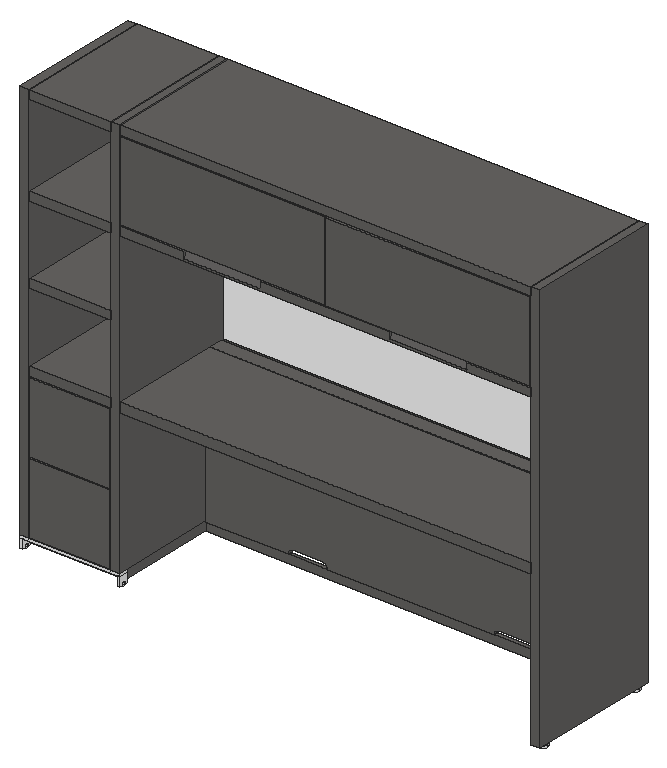
Revit family "Storage-Wall-Teknion-ZXLO_74_High_Without_Lights-R2011", category Furniture Systems, Revit 2013
Parameters (values of type "(See Type Catalog)")
  Working Wall Finish [instance] = Glass - Teknion - K6 - White Backpainted
  Width = 92.642"
  Warranty = "http://www.teknionstudio.com/pdfs/Teknion%20Studio%20Warranty.pdf"
  Wall Unit Finish [instance] = Veneer - Teknion - P7 - Grey Oak
  Unit Weight = 685.00 lbf
  URL = "www.teknionstudio.com"
  Storage Tower = Storage-Unit-Teknion-Tower : Upper Shelves & File/File Pedestal
  Series = "B&B Italia"
  Product Page URL = "http://www.teknionstudio.com/acexecutive/"
  Product Line = "AC Executive"
  Product Documentation Link = "http://www.teknionstudio.com/pricing/ac_executive_storage_walls_ppg.pdf"
  Part Number = "ZXLO"
  Model = ""
  Manufacturer Phone = "919-464-2920"
  Manufacturer Fax = "919-464-2927"
  Manufacturer Email = "customersupport@teknionstudio.com"
  Manufacturer Address = "3940 US 70 Business HWY West, Clayton, NC 27520"
  Manufacturer = "Teknion Studio"  # constant formula
  Low Emitting Material = yes
  Low Emitting Finish = yes
  Height = 73.81394"
  Description = ""
  Depth = 24"
  Assembly Code = "E2020200"
Reference planes (in)
  plane 1 "Center F/B": y = 0
  plane 2: z = 0
  plane 3 "Back": y = 12
  plane 4 "Front": y = -12
  plane 5 "Top": z = 73.81394
  plane 6: x = 28.60446
  plane 7: z = 29.68402
  plane 8: z = 56.1289
  plane 9: x = -44.7815
  plane 10: z = 2.1289
  plane 11: x = -8.08858
  plane 12 "Foot Centerline": y = -11.2126
  plane 13 "Foot Centerline Front": y = -10.22835
  plane 14 "Foot Centerline Back": y = 10.22835
  plane 15: y = -8.484
  plane 16: x = -62.49817
  plane 17: x = 30.14383
  plane 18 "Center L/R": x = -16.17717
Forms (in)
  Sweep 1, solid, material "Veneer - Teknion - P7 - Grey Oak" <- "Wall Unit Finish"
    path origin (0, 0, 0) x (1, 0, 0) y (0, 0, 1)
      loop
        line (-44.7815, 29.68402) -> (28.60446, 29.68402)
    profile origin (-8.08852, 0, 29.68402) x (0, 0, 1) y (0, -1, 0)
      loop
        line (0, 12) -> (-1.7638, 12) -> (-1.7638, -7.11393) -> (-5.30827, -7.11393) -> (-5.30827, -7.08268) -> (-27.55512, -7.08268) -> (-27.55512, -7.11393) -> (-29.0945, -7.11393) -> (-29.0945, -7.80668) -> (-5.30828, -7.80668) -> (-5.30828, -12) -> (44.12992, -12) -> (44.12992, 12) -> (42.59022, 12) -> (42.59022, 11.2126) -> (27.98392, 11.2126) -> (27.98392, 12) -> (26.44488, 12) -> (26.44488, -10.94094) -> (0, -10.94094) -> (0, -10.90969) -> (-0.72441, -10.90969) -> (-0.72441, -10.56693) -> (0, -10.56693) -> (0, -8.05709) -> (-0.72441, -8.05709) -> (-0.72441, -7.80709) -> (0, -7.80709) -> (0, 12)
  Sweep 2, solid, material "Veneer - Teknion - P7 - Grey Oak" <- "Wall Unit Finish"
    path origin (0, 0, 15.40683) x (-1, 0, 0) y (0, -1, 0)
      loop
        line (0, 12) -> (0, 11.276)
    profile origin (0, -11.638, 15.40683) x (-1, 0, 0) y (0, 0, 1)
      loop
        line (44.5315, 42.5111) -> (44.5315, 56.6174) -> (8.21358, 56.6174) -> (8.21358, 42.5111) -> (44.5315, 42.5111)
      loop
        line (7.96358, 56.6174) -> (-28.35446, 56.6174) -> (-28.35446, 42.5111) -> (7.96358, 42.5111) -> (7.96358, 56.6174)
  Sweep 3, void
    path origin (0, 0, 0) x (1, 0, 0) y (0, 0, 1)
      loop
        line (-33.3248, 56.1289) -> (-19.54528, 56.1289)
    profile origin (-26.43504, 0, 56.1289) x (0, 0, 1) y (0, -1, 0)
      loop
        line (1.53937, 12) -> (0.43699, 12) -> (1.53937, 11.52755) -> (1.53937, 12)
  Sweep 4, void
    path origin (0, 0, 0) x (1, 0, 0) y (0, 0, 1)
      loop
        line (3.36811, 56.1289) -> (17.14764, 56.1289)
    profile origin (10.25787, 0, 56.1289) x (0, 0, 1) y (0, -1, 0)
      loop
        line (1.53937, 11.52755) -> (1.53937, 12) -> (0.43699, 12) -> (1.53937, 11.52755)
  Sweep 5, void
    path origin (0, 0, 15.40683) x (-1, 0, 0) y (0, -1, 0)
      loop
        line (0, -7.80668) -> (0, -7.08268)
    profile origin (0, 7.44468, 15.40683) x (1, 0, 0) y (0, 0, 1)
      loop
        line (13.68307, 8.96892) -> (6.79331, 8.96892) -> (6.79331, 8.10396)
        arc (6.79331, 8.10396) -> (7.02393, 7.54718) -> (7.58071, 7.31655) r 0.7874
        line (7.58071, 7.31655) -> (12.89567, 7.31655)
        arc (12.89567, 7.31655) -> (13.45245, 7.54718) -> (13.68307, 8.10396) r 0.7874
        line (13.68307, 8.10396) -> (13.68307, 8.96892)
      loop
        line (6.79331, -13.27793) -> (13.68307, -13.27793) -> (13.68307, -13.12045)
        arc (13.68307, -13.12045) -> (13.46398, -12.59152) -> (12.93504, -12.37242) r 0.74803
        line (12.93504, -12.37242) -> (7.54134, -12.37242)
        arc (7.54134, -12.37242) -> (7.0124, -12.59152) -> (6.79331, -13.12045) r 0.74803
        line (6.79331, -13.12045) -> (6.79331, -13.27793)
      loop
        line (-29.86024, 8.96892) -> (-29.86024, 8.10396)
        arc (-29.86024, 8.10396) -> (-29.62961, 7.54718) -> (-29.07283, 7.31655) r 0.7874
        line (-29.07283, 7.31655) -> (-23.75787, 7.31655)
        arc (-23.75787, 7.31655) -> (-23.2011, 7.54718) -> (-22.97047, 8.10396) r 0.7874
        line (-22.97047, 8.10396) -> (-22.97047, 8.96892) -> (-29.86024, 8.96892)
      loop
        line (-22.97047, -13.27793) -> (-22.97047, -13.12045)
        arc (-22.97047, -13.12045) -> (-23.18957, -12.59152) -> (-23.7185, -12.37242) r 0.74803
        line (-23.7185, -12.37242) -> (-29.1122, -12.37242)
        arc (-29.1122, -12.37242) -> (-29.64114, -12.59152) -> (-29.86024, -13.12045) r 0.74803
        line (-29.86024, -13.12045) -> (-29.86024, -13.27793) -> (-22.97047, -13.27793)
  Revolve 6, solid, material "Metal - Teknion - C6 - Chrome"
    sketch origin (0, -10.22835, 0) x (0, 0, 1) y (1, 0, 0)
      loop
        line (0, 29.37415) -> (0, 28.63616) -> (0.23622, 28.63616) -> (0.23622, 29.09181) -> (0.58951, 29.09181) -> (0.58951, 29.37415) -> (0, 29.37415)
      axis (0, 29.37415) -> (0.58951, 29.37415)
    angle from 0 to 360
  Revolve 7, solid, material "Metal - Teknion - C6 - Chrome"
    sketch origin (0, 10.22835, 0) x (0, 0, 1) y (1, 0, 0)
      loop
        line (0, 29.37415) -> (0, 28.63616) -> (0.23622, 28.63616) -> (0.23622, 29.09181) -> (0.58951, 29.09181) -> (0.58951, 29.37415) -> (0, 29.37415)
      axis (0, 29.37415) -> (0.58951, 29.37415)
    angle from 0 to 360
  Sweep 8, solid, material "Veneer - Teknion - P7 - Grey Oak" <- "Wall Unit Finish"
    path origin (-16.17717, 0, 15.40683) x (1, 0, 0) y (0, 1, 0)
      loop
        line (0, 12) -> (0, -12)
    profile origin (-16.17717, 0, 15.40683) x (1, 0, 0) y (0, 0, 1)
      loop
        line (46.321, -14.81732) -> (46.321, 58.4071) -> (44.78163, 58.4071) -> (44.78163, -14.81732) -> (46.321, -14.81732)
Cuts and joins
  Sweep 3, Sweep 4, Sweep 5 cuts Sweep 1
Lines and regions (in)
  Masking region 1
    outline origin (0, 0, 15.40683) x (-1, 0, 0) y (0, -1, 0)
      loop
        line (44.7815, -12) -> (44.7815, 12) -> (-30.14383, 12) -> (-30.14383, -12) -> (44.7815, -12)
  symbolic lines, style "Elevation Swing"
    curve 1: line (-44.7815, -12, 57.66827) -> (-26.43504, -12, 72.02424)
    curve 2: line (-8.08858, -12, 57.66832) -> (-26.43504, -12, 72.02424)
    curve 3: line (-8.08858, 0, 57.66832) -> (10.25794, 0, 72.19583)
    curve 4: line (10.25794, 0, 72.19583) -> (28.60446, 0, 57.66827)
  symbolic lines, detail levels medium+fine
    curve 5: line (-44.7815, 12, 15.40683) -> (-44.7815, -12, 15.40683)
  symbolic lines, style "FurnitureSystemsHiddenLines", detail levels fine
    curve 6: line (28.60446, -11.276, 15.40683) -> (-44.7815, -11.276, 15.40683)
Dimensions and locks (in)
  equal spacing: plane 3 "Back", plane 1 "Center F/B", plane 4 "Front"
  "Depth": plane 3 "Back" to plane 4 "Front"
  "Height": plane 5 "Top" to plane 2
  locked: plane 7 to plane 2 at 29.68402
  locked: plane 8 to plane 7 at 26.44488
  locked: plane 10 to plane 2 at 2.1289
  locked: plane 4 "Front" to plane 12 "Foot Centerline" at 0.7874
  locked: plane 10 to Sweep 1 sketch curve at 1.53939
  locked: plane 7 to Sweep 1 sketch curve at 1.7638
  locked: plane 4 "Front" to Sweep 2 sketch curve at 0.724
  plane 5 "Top" to Sweep 2 sketch curve to Sweep 2 sketch curve = 1.7897", 14.1063"  (x2)
  Sweep 2 sketch curve to Sweep 2 sketch curve to Sweep 2 sketch curve to Sweep 2 sketch curve = 36.31805", 1/4", 36.31791"
  locked: Sweep 3 sketch curve to Sweep 3 sketch curve at 13.77953
  locked: Sweep 3 sketch curve to plane 8 at 1.53937
  locked: Sweep 3 sketch curve to plane 8 at 0.43699
  locked: plane 4 "Front" to Sweep 3 sketch curve at 0.47245
  Sweep 4 sketch curve to Sweep 4 sketch curve to plane 8 = 1.10238" locked, 0.43699" locked
  locked: plane 4 "Front" to Sweep 4 sketch curve at 0.47245
  locked: Sweep 5 sketch curve to plane 10 at 0.90551  (x2)
  locked: Sweep 5 sketch curve to Sweep 5 sketch curve at 6.88976  (x4)
  plane 7 to Sweep 5 sketch curve to Sweep 5 sketch curve = 5.30827" locked, 1 167/256" locked  (x2)
  plane 3 "Back" to Sweep 5 sketch curve to Sweep 5 sketch curve = 4.19332" locked, 0.724" locked
  Revolve 6 sketch curve to Revolve 6 sketch curve to plane 2 = 0.35329" locked, 0.23622" locked
  Revolve 7 sketch curve to Revolve 7 sketch curve to plane 2 = 0.35329" locked, 0.23622" locked
  equal spacing: plane 11, curve 2, plane 9
  equal spacing: plane 6, curve 4, plane 11
  locked: plane 4 "Front" to curve 6 at 0.724
  locked: plane 3 "Back" to plane 14 "Foot Centerline Back" at 1.77165
  locked: plane 4 "Front" to plane 13 "Foot Centerline Front" at 1.77165
  locked: plane 4 "Front" to plane 15 at 3.516
  locked: plane 6 to plane 17 at 1.53937
  locked: plane 16 to plane 9 at 17.71667
  "Width": plane 16 to plane 17
  locked: plane 18 "Center L/R" to plane 11 at 8.08858
  equal spacing: plane 16, plane 18 "Center L/R", plane 17
  locked: plane 17 to Revolve 6 sketch curve at 0.76969
  locked: Sweep 8 sketch curve to plane 2 at 0.58951
  locked: Revolve 7 sketch curve to plane 17 at 0.76969
  aligned and locked: level to plane 2
  aligned and locked: plane 9 to Sweep 1 sketch curve
  aligned and locked: plane 6 to Sweep 1 sketch curve
  aligned and locked: Sweep 1 sketch curve to plane 7  (x4)
  aligned and locked: Sweep 1 sketch curve to plane 4 "Front"
  aligned and locked: plane 3 "Back" to Sweep 1 sketch curve
  aligned and locked: plane 4 "Front" to Sweep 2 sketch curve
  aligned and locked: Sweep 1 sketch curve to plane 8
  aligned and locked: Sweep 3 sketch curve to plane 8
  aligned and locked: Sweep 4 sketch curve to plane 8
  aligned and locked: Sweep 4 sketch curve to plane 4 "Front"
  aligned and locked: Sweep 5 sketch curve to plane 10
  aligned and locked: plane 2 to Revolve 6 sketch curve
  aligned and locked: Revolve 7 sketch curve to plane 2
  aligned and locked: plane 9 to curve 1
  aligned and locked: plane 11 to curve 2
  aligned and locked: Sweep 2 to curve 2
  aligned and locked: plane 6 to curve 4
  aligned and locked: plane 11 to curve 3
  aligned and locked: Masking region 1 sketch curve to plane 3 "Back"
  aligned and locked: Masking region 1 sketch curve to plane 4 "Front"
  aligned and locked: plane 3 "Back" to curve 5
  aligned and locked: plane 4 "Front" to curve 5
  aligned and locked: curve 5 to plane 9
  aligned and locked: plane 6 to curve 6
  aligned and locked: plane 4 "Front" to Sweep 3 sketch curve
  aligned and locked: Sweep 1 sketch curve to plane 5 "Top"
  aligned and locked: plane 12 "Foot Centerline" to Sweep 1 sketch curve
  aligned and locked: plane 4 "Front" to Sweep 1 sketch curve  (x2)
  aligned and locked: plane 10 to Sweep 5 sketch curve
  aligned and locked: plane 9 to Masking region 1 sketch curve
  aligned and locked: plane 17 to Masking region 1 sketch curve
  aligned and locked: nested 1 to plane 1 "Center F/B"
  aligned and locked: nested 1 to plane 9
  aligned and locked: nested 1 to plane 2
  aligned and locked: Revolve 6 sketch curve to Revolve 6 sketch curve
  aligned and locked: Sweep 8 sketch curve to plane 17
  aligned and locked: Sweep 8 sketch curve to plane 6
  aligned and locked: plane 5 "Top" to Sweep 8 sketch curve
  aligned and locked: Revolve 7 sketch curve to Revolve 7 sketch curve
Automatic sketch dimensions
  plane 8 to curve 4 = 1.53937"
  plane 8 to curve 3 = 1.53942"
  curve 4 to plane 5 "Top" = 1.61811"
  plane 8 to curve 2 = 1.53942"
  plane 8 to curve 1 = 1.53937"
  Sweep 1 sketch curve to Sweep 1 sketch curve = 1.53939"
  Sweep 1 sketch curve to Sweep 1 sketch curve = 3.54449"
  Sweep 1 sketch curve to Sweep 1 sketch curve = 0"
  profile plane to Sweep 1 sketch curve = 0.72441"  (x2)
  Sweep 1 sketch curve to Sweep 1 sketch curve = 1.53904"
  Sweep 1 sketch curve to Sweep 1 sketch curve = 1.5397"
  Sweep 1 sketch curve to Sweep 1 sketch curve = 1.05906"
  Sweep 1 sketch curve to Sweep 1 sketch curve = 1/32"  (x2)
  Sweep 1 sketch curve to Sweep 1 sketch curve = 0.34277"
  Sweep 1 sketch curve to Sweep 1 sketch curve = 2.50984"
  Sweep 1 sketch curve to Sweep 1 sketch curve = 1/4"
  Sweep 1 sketch curve to plane 1 "Center F/B" = 7.80668"
  Sweep 1 sketch curve to Sweep 1 sketch curve = 0.69275"
  Sweep 1 sketch curve to Sweep 1 sketch curve = 0.69316"
  Sweep 4 sketch curve to plane 6 = 11.45683"
  Sweep 5 sketch curve to Sweep 5 sketch curve = 0.74803"  (x4)
  Sweep 5 sketch curve to Sweep 5 sketch curve = 0.7874"  (x5)
  plane 4 "Front" to Sweep 8 sketch curve = 0"
  Sweep 8 sketch curve to plane 3 "Back" = 0"
  Sweep 8 sketch curve to plane 11 = 8.08858"
  plane 11 to Sweep 2 sketch curve = 8.08858"
  plane 11 to Sweep 4 sketch curve = 11.45669"
  plane 11 to Sweep 5 sketch curve = 8.08858"
  profile plane to Sweep 5 sketch curve = 29.86024"
  Sweep 5 sketch curve to profile plane = 6.79331"  (x2)
  Revolve 6 sketch curve to level = 0"
  plane 10 to Revolve 6 sketch curve = 0.71099"
  plane 6 to Revolve 6 sketch curve = 0.03169"
  Revolve 6 sketch curve to Revolve 6 sketch curve = 0.28234"
  Revolve 7 sketch curve to level = 0"
  Revolve 7 sketch curve to plane 10 = 161/256"
  plane 6 to Revolve 7 sketch curve = 0.03169"
  Revolve 7 sketch curve to Revolve 7 sketch curve = 0.28234"
Nested families (in)
  nested 1: "Storage-Unit-Teknion-Tower" at (-53.63976, 0, 0) x (-1, 0, 0) z (0, 0, 1), type <- "Storage Tower", Height <- "Height", type "Upper Shelves & File/File Pedestal"
    with Height 73.81394", Has Top Shelf no, Bottom Drawer Height 13.047"
Definition of nested family "Storage-Unit-Teknion-Tower"
  Parameters (values of type "Upper Wardrobe & Lower Door")
    Width = 17.71654"
    Warranty = "http://www.teknionstudio.com/pdfs/Teknion%20Studio%20Warranty.pdf"
    Wall Unit Finish = Veneer - Teknion - P8 - Light Brushed Oak
    URL = "www.teknionstudio.com"
    Series = "B&B Italia"
    Product Line = "AC Executive"
    Model = ""
    Middle Drawer Height = if(Has Top Drawer, 6.425", 12.719")  # 12.719"
    Manufacturer Phone = "919-464-2920"
    Manufacturer Fax = "919-464-2927"
    Manufacturer Email = "customersupport@teknionstudio.com"
    Manufacturer Address = "3940 US 70 Business HWY West, Clayton, NC 27520"
    Manufacturer = "Teknion Studio"  # constant formula
    Height [instance] = 73.81394"
    Has Top Shelf [instance] = and(Height > 75", Has Shelves)  # no
    Has Top Drawer = no
    Has Top Door = yes
    Has Shelves = no
    Has Right Leg = yes
    Has Middle Drawer = no
    Has Lower Shelf = yes
    Has Left Leg = yes
    Has Full Wardrobe Door = no
    Has Doors = yes
    Door Projection Symbol = yes
    Description = "Tower Storage Unit"
    Depth = 24"
    Bottom Drawer Height [instance] = if(Has Middle Drawer, 13.047", if(Has Top Drawer, 13.047", if(Has Full Wardrobe Door, (Height - 3.668"), 26.016")))  # 26.016"
    Assembly Code = "E2010200"
  Types (7): name | Wall Unit Finish | Series | Product Line | Middle Drawer Height | Has Top Drawer | Has Top Door | Has Shelves | Has Middle Drawer | Has Lower Shelf | Has Full Wardrobe Door | Has Doors | Door Projection Symbol | Bottom Drawer Height
    Upper Shelves & Lower Door | none | "AC Executive" | "" | 12.719" | no | no | yes | no | yes | no | yes | yes | 26.016"
    Upper Shelves & File/File Pedestal | none | "AC Executive" | "" | 12.719" | no | no | yes | yes | yes | no | no | no | 13.047"
    Upper Shelves & Box/Box/File Pedestal | Veneer - Teknion - P8 - Light Brushed Oak | "AC Executive" | "" | 6.425" | yes | no | yes | yes | yes | yes | no | no | 13.047"
    Full Wardrobe | none | "AC Executive" | "" | 12.719" | no | no | no | no | no | yes | yes | yes | 70.14594"
    Upper Wardrobe & Lower Door | Veneer - Teknion - P8 - Light Brushed Oak | "B&B Italia" | "AC Executive" | 12.719" | no | yes | no | no | yes | no | yes | yes | 26.016"
    Upper Wardrobe & File/File Pedestal | none | "AC Executive" | "" | 12.719" | no | yes | no | yes | yes | no | no | yes | 13.047"
    Upper Wardrobe & Box/Box/File Pedestal | none | "AC Executive" | "" | 6.425" | yes | yes | no | yes | yes | no | no | yes | 13.047"
  Reference planes (in)
    plane 1 "Center F/B": y = 0
    plane 2: z = 0
    plane 3 "Center L/R": x = 0
    plane 4 "Left": x = -8.85827
    plane 5 "Right": x = 8.85827
    plane 6 "Back": y = 12
    plane 7 "Front": y = -12
    plane 8 "Top": z = 73.81394
    plane 9: x = -7.3189
    plane 10: x = 7.3189
    plane 11: z = 2.1289
    plane 12 "Foot Centerline": y = -11.2126
    plane 13: z = 29.68402
    plane 14 "Drawer 1 Top": z = 28.1449
    plane 15 "Drawer 2 Top": z = 40.8639
    plane 16 "Drawer 3 Top": z = 27.89502
    plane 17: z = 42.13677
  Forms (in)
    Sweep 1, solid, material "Metal - Teknion - C6 - Chrome", visible <- "Has Left Leg"
      path origin (0, -12, 0) x (1, 0, 0) y (0, 0, 1)
        loop
          line (-8.85827, 1.7349) -> (-8.85827, 0.05803)
      profile origin (-8.85827, -12, 0.89646) x (0, -1, 0) y (1, 0, 0)
        loop
          line (-1.5748, 0) -> (0, 0) -> (0, 0.394) -> (-1.5748, 0.394) -> (-1.5748, 0)
    Sweep 2, solid, material "Metal - Teknion - C6 - Chrome"
      path origin (0, -12, 0) x (1, 0, 0) y (0, 0, 1)
        loop
          line (-8.46427, 2.1289) -> (8.46427, 2.1289)
      profile origin (0, -12, 2.1289) x (0, 0, 1) y (0, -1, 0)
        loop
          line (-0.394, -1.5748) -> (-0.394, -1.3778) -> (-1.575, -1.3778) -> (-1.575, -1.5748) -> (-0.394, -1.5748)
    Revolve 3, solid, material "Metal - Teknion - C6 - Chrome"
      sketch origin (0, -11.2126, 0) x (0, 0, -1) y (1, 0, 0)
        loop
          line (-0.4911, 8.32677) -> (-0.45173, 8.2874) -> (-0.28492, 8.2874) -> (-0.24555, 8.32677) -> (-0.20618, 8.2874) -> (-0.03937, 8.2874) -> (0, 8.32677) -> (0, 8.66142) -> (-0.4911, 8.66142) -> (-0.4911, 8.32677)
        axis (0, 8.66142) -> (-0.4911, 8.66142)
      angle from 0 to 360
    Revolve 4, solid, material "Metal - Teknion - C6 - Chrome", visible <- "Has Left Leg"
      sketch origin (0, -11.2126, 0) x (0, 0, -1) y (1, 0, 0)
        loop
          line (0, -8.99606) -> (0, -8.66142) -> (-0.4911, -8.66142) -> (-0.4911, -8.99606) -> (-0.45173, -9.03543) -> (-0.28492, -9.03543) -> (-0.24555, -8.99606) -> (-0.20618, -9.03543) -> (-0.03937, -9.03543) -> (0, -8.99606)
        axis (0, -8.66142) -> (-0.4911, -8.66142)
      angle from 0 to 360
    Sweep 5, solid, material "Veneer - Teknion - P8 - Light Brushed Oak" <- "Wall Unit Finish"
      path origin (0, 0, 0) x (1, 0, 0) y (0, 0, 1)
        loop
          line (0, 2.1289) -> (0, 73.81394)
      profile origin (0, 0, 37.97142) x (-1, 0, 0) y (0, -1, 0)
        loop
          line (8.85827, -12) -> (8.85827, 12) -> (7.3189, 12) -> (7.3189, -12) -> (8.85827, -12)
        loop
          line (-7.3189, 12) -> (-8.85827, 12) -> (-8.85827, -12) -> (-7.3189, -12) -> (-7.3189, 12)
    Sweep 6, solid, material "Veneer - Teknion - P8 - Light Brushed Oak" <- "Wall Unit Finish"
      path origin (0, 0, 15.40683) x (-1, 0, 0) y (0, -1, 0)
        loop
          line (0, -12) -> (0, 12)
      profile origin (0, 0, 15.40683) x (1, 0, 0) y (0, 0, 1)
        loop
          line (-7.3189, 58.4071) -> (-7.3189, 56.86773) -> (7.3189, 56.86773) -> (7.3189, 58.4071) -> (-7.3189, 58.4071)
    Sweep 7, solid, material "Veneer - Teknion - P8 - Light Brushed Oak" <- "Wall Unit Finish"
      path origin (0, -12, 0) x (1, 0, 0) y (0, 0, 1)
        loop
          line (0, 2.1289) -> (0, 72.27457)
      profile origin (0, -12, 37.20173) x (-1, 0, 0) y (0, -1, 0)
        loop
          line (7.3189, -24) -> (7.3189, -23.25) -> (-7.3189, -23.25) -> (-7.3189, -24) -> (7.3189, -24)
    Sweep 8, solid, material "Veneer - Teknion - P8 - Light Brushed Oak" <- "Wall Unit Finish", visible <- "Has Lower Shelf"
      path origin (0, -12, 0) x (1, 0, 0) y (0, 0, 1)
        loop
          line (-7.3189, 29.68402) -> (7.3189, 29.68402)
      profile origin (0, -12, 29.68402) x (0, 0, 1) y (0, -1, 0)
        loop
          line (0, 0) -> (-1.539, 0) -> (-1.539, -0.724) -> (-27.55512, -0.724) -> (-27.55512, -23.25) -> (0, -23.25) -> (0, 0)
    Sweep 9, solid, material "Veneer - Teknion - P8 - Light Brushed Oak" <- "Wall Unit Finish"
      path origin (0, -12, 0) x (1, 0, 0) y (0, 0, 1)
        loop
          line (0, 2.3789) -> (0, 27.8949)
      profile origin (0, -12, 15.1369) x (-1, 0, 0) y (0, -1, 0)
        loop
          line (7.0689, -0.724) -> (7.0689, 0) -> (-7.0689, 0) -> (-7.0689, -0.724) -> (7.0689, -0.724)
    Sweep 10, solid, material "Veneer - Teknion - P8 - Light Brushed Oak" <- "Wall Unit Finish", visible <- "Has Middle Drawer"
      path origin (0, -12, 0) x (1, 0, 0) y (0, 0, 1)
        loop
          line (0, 28.1449) -> (0, 40.8639)
      profile origin (0, -12, 34.5044) x (-1, 0, 0) y (0, -1, 0)
        loop
          line (7.0689, -0.724) -> (7.0689, 0) -> (-7.0689, 0) -> (-7.0689, -0.724) -> (7.0689, -0.724)
    Sweep 11, solid, material "Veneer - Teknion - P8 - Light Brushed Oak" <- "Wall Unit Finish", visible <- "Has Top Drawer"
      path origin (0, -12, 0) x (1, 0, 0) y (0, 0, 1)
        loop
          line (0, 47.15802) -> (0, 41.1139)
      profile origin (0, -12, 44.13596) x (0, -1, 0) y (1, 0, 0)
        loop
          line (0, 7.0689) -> (-0.724, 7.0689) -> (-0.724, -7.0689) -> (0, -7.0689) -> (0, 7.0689)
    Sweep 12, solid, material "Veneer - Teknion - P8 - Light Brushed Oak" <- "Wall Unit Finish", visible <- "Has Shelves"
      path origin (0, -12, 0) x (1, 0, 0) y (0, 0, 1)
        loop
          line (0, 42.13677) -> (0, 43.67614)
      profile origin (0, -12, 42.90646) x (-1, 0, 0) y (0, -1, 0)
        loop
          line (7.3189, -23.25) -> (7.3189, 0) -> (-7.3189, 0) -> (-7.3189, -23.25) -> (7.3189, -23.25)
    Sweep 13, solid, material "Veneer - Teknion - P8 - Light Brushed Oak" <- "Wall Unit Finish", visible <- "Has Shelves"
      path origin (0, -12, 13.9918) x (1, 0, 0) y (0, 0, 1)
        loop
          line (0, 42.13677) -> (0, 43.67614)
      profile origin (0, -12, 56.89825) x (-1, 0, 0) y (0, -1, 0)
        loop
          line (7.3189, -23.25) -> (7.3189, 0) -> (-7.3189, 0) -> (-7.3189, -23.25) -> (7.3189, -23.25)
    Sweep 14, solid, material "Veneer - Teknion - P8 - Light Brushed Oak" <- "Wall Unit Finish", visible <- "Has Top Door"
      path origin (0, -12, 0) x (1, 0, 0) y (0, 0, 1)
        loop
          line (0, 29.93402) -> (0, 72.02457)
      profile origin (0, -12, 50.97929) x (-1, 0, 0) y (0, -1, 0)
        loop
          line (7.0689, -0.724) -> (7.0689, 0) -> (-7.0689, 0) -> (-7.0689, -0.724) -> (7.0689, -0.724)
    Sweep 15, solid, material "Veneer - Teknion - P8 - Light Brushed Oak" <- "Wall Unit Finish"
      path origin (0, -12, 0) x (1, 0, 0) y (0, 0, 1)
        loop
          line (-8.85827, 2.1289) -> (8.85827, 2.1289)
      profile origin (0, -12, 2.1289) x (0, 0, 1) y (0, -1, 0)
        loop
          line (0, -1.5748) -> (-1.53937, -1.5748) -> (-1.53937, -24) -> (0, -24) -> (0, -1.5748)
    Sweep 16, solid, material "Veneer - Teknion - P8 - Light Brushed Oak" <- "Wall Unit Finish", visible <- "Has Top Shelf"
      path origin (0, 0, 0) x (1, 0, 0) y (0, 0, 1)
        loop
          line (0, 73.81394) -> (0, 72.27457)
      profile origin (0, 0, 73.04425) x (0, -1, 0) y (1, 0, 0)
        loop
          line (-11.25, -7.3189) -> (12, -7.3189) -> (12, 7.3189) -> (-11.25, 7.3189) -> (-11.25, -7.3189)
    Sweep 17, solid, material "Metal - Teknion - C6 - Chrome"
      path origin (0, 0, 0) x (1, 0, 0) y (0, 0, 1)
        loop
          line (-8.85827, 2.1289) -> (8.85827, 2.1289)
      profile origin (0, 0, 2.1289) x (0, 0, 1) y (0, -1, 0)
        loop
          line (0, 10.4252) -> (0, 12) -> (-0.394, 12) -> (-0.394, 10.4252) -> (0, 10.4252)
    Sweep 18, solid, material "Metal - Teknion - C6 - Chrome"
      path origin (0, 0, 0) x (1, 0, 0) y (0, 0, 1)
        loop
          line (8.85827, 1.7349) -> (8.85827, 0.05803)
      profile origin (8.85827, 0, 0.89646) x (0, -1, 0) y (1, 0, 0)
        loop
          line (10.4252, -0.394) -> (12, -0.394) -> (12, 0) -> (10.4252, 0) -> (10.4252, -0.394)
  Lines and regions (in)
    Masking region 1
      outline origin (0, 0, 15.40683) x (-1, 0, 0) y (0, -1, 0)
        loop
          line (8.85827, -12) -> (8.85827, 12) -> (-8.85827, 12) -> (-8.85827, -12) -> (8.85827, -12)
    symbolic lines, style "FurnitureSystems", detail levels medium+fine
      curve 1: line (-7.3189, 12, 15.40683) -> (-7.3189, -12, 15.40683)
      curve 2: line (7.3189, 12, 15.40683) -> (7.3189, -12, 15.40683)
    symbolic lines, style "FurnitureSystemsHiddenLines", detail levels fine
      curve 3: line (-7.3189, -11.276, 15.40683) -> (7.3189, -11.276, 15.40683)
    symbolic lines, style "Elevation Swing", visible <- "Has Doors"
      curve 4: line (-7.3189, -12, 2.1289) -> (7.3189, -12, 15.1369)
      curve 5: line (7.3189, -12, 15.1369) -> (-7.3189, -12, 28.1449)
    symbolic lines, style "Elevation Swing", visible <- "Has Top Door"
      curve 6: line (-7.3189, -12, 29.68402) -> (7.3189, -12, 50.97929)
      curve 7: line (7.3189, -12, 50.97929) -> (-7.3189, -12, 72.27457)
    symbolic lines, style "FurnitureSystems", visible <- "Door Projection Symbol"
      curve 8: arc (-7.3189, -12, 0) -> (-3.03159, -22.35048, 0) -> (7.3189, -26.6378, 0) r 14.6378
    symbolic lines, visible <- "Door Projection Symbol"
      curve 9: line (7.3189, -12, 15.40683) -> (7.3189, -26.6378, 15.40683)
  Dimensions and locks (in)
    equal spacing: plane 4 "Left", plane 3 "Center L/R", plane 5 "Right"
    "Width": plane 4 "Left" to plane 5 "Right"
    equal spacing: plane 6 "Back", plane 1 "Center F/B", plane 7 "Front"
    "Depth": plane 6 "Back" to plane 7 "Front"
    locked: plane 4 "Left" to plane 9 at 1.53937
    locked: plane 10 to plane 5 "Right" at 1.53937
    "Height": plane 8 "Top" to level
    locked: Sweep 1 sketch curve to level at 0.05803
    locked: plane 11 to plane 2 at 2.1289
    plane 11 to Sweep 2 sketch curve to Sweep 2 sketch curve = 0.394" locked, 1.181" locked
    plane 7 "Front" to Sweep 2 sketch curve to Sweep 2 sketch curve = 1.3778" locked, 0.197" locked
    locked: Revolve 3 sketch curve to plane 2 at 0.4911  (x2)
    locked: plane 5 "Right" to Revolve 3 sketch curve at 0.57087
    locked: plane 7 "Front" to plane 12 "Foot Centerline" at 0.7874
    Revolve 3 sketch curve to Revolve 3 sketch curve to Revolve 3 sketch curve to Revolve 3 sketch curve to plane 2 = 0.16681" locked, 0.07874" locked, 0.16681" locked, 0.03937" locked
    locked: Revolve 4 sketch curve to plane 2 at 0.4911  (x2)
    locked: Revolve 4 sketch curve to Revolve 4 sketch curve at 0.37402
    Revolve 4 sketch curve to Revolve 4 sketch curve to Revolve 4 sketch curve to Revolve 4 sketch curve to plane 2 = 0.16681" locked, 0.07874" locked, 0.16681" locked, 0.03937" locked
    locked: Revolve 4 sketch curve to plane 4 "Left" at 0.19685
    locked: plane 8 "Top" to Sweep 6 sketch curve at 1.53937
    locked: plane 8 "Top" to Sweep 7 sketch curve at 1.53937
    locked: plane 6 "Back" to Sweep 7 sketch curve at 0.75
    locked: plane 13 to plane 2 at 29.68402
    locked: plane 7 "Front" to Sweep 8 sketch curve at 0.724
    locked: plane 13 to Sweep 8 sketch curve at 1.539
    locked: plane 13 to plane 16 "Drawer 3 Top" at 1.789
    "Bottom Drawer Height": plane 14 "Drawer 1 Top" to plane 11
    "Middle Drawer Height": plane 15 "Drawer 2 Top" to plane 14 "Drawer 1 Top"
    locked: plane 14 "Drawer 1 Top" to Sweep 9 sketch curve at 0.25
    locked: plane 7 "Front" to Sweep 9 sketch curve at 0.724
    locked: Sweep 10 sketch curve to plane 12 "Foot Centerline" at 0.0634
    locked: plane 7 "Front" to Sweep 11 sketch curve at 0.724
    locked: plane 17 to plane 13 at 12.45276
    group 1 to group 2 = 0"  (x2)
    group 1 to group 2 = 13.9918"
    locked: Sweep 13 to plane 17 at 13.9918
    locked: plane 8 "Top" to Sweep 14 sketch curve at 1.78937
    locked: Sweep 14 sketch curve to plane 13 at 0.25
    locked: plane 7 "Front" to Sweep 14 sketch curve at 0.724
    locked: plane 11 to Sweep 15 sketch curve at 1.53937
    locked: plane 7 "Front" to Sweep 15 sketch curve at 1.5748
    equal spacing: Sweep 6, curve 7, plane 13
    equal spacing: plane 14 "Drawer 1 Top", curve 5, plane 11
    locked: plane 6 "Back" to Sweep 16 sketch curve at 0.75
    Sweep 16 sketch curve to Sweep 16 sketch curve to plane 2 = 1.53937" locked, 72.27457" locked
    locked: Sweep 9 sketch curve to plane 11 at 0.25
    locked: plane 9 to Sweep 9 sketch curve at 0.25
    locked: Sweep 9 sketch curve to plane 10 at 0.25
    locked: Sweep 11 sketch curve to plane 15 "Drawer 2 Top" at 0.25
    locked: plane 9 to Sweep 11 sketch curve at 0.25
    locked: Sweep 11 sketch curve to plane 10 at 0.25
    locked: Sweep 10 sketch curve to plane 10 at 0.25
    locked: plane 9 to Sweep 10 sketch curve at 0.25
    locked: Sweep 11 sketch curve to Sweep 11 sketch curve at 6.04412
    locked: Sweep 14 sketch curve to plane 10 at 0.25
    locked: plane 9 to Sweep 14 sketch curve at 0.25
    locked: plane 4 "Left" to Sweep 1 sketch curve at 0.394
    locked: plane 7 "Front" to Sweep 1 sketch curve at 1.5748
    locked: plane 11 to Sweep 1 sketch curve at 0.394
    locked: Sweep 17 sketch curve to plane 7 "Front" at 1.5748
    locked: plane 11 to Sweep 17 sketch curve at 0.394
    locked: Sweep 18 sketch curve to plane 2 at 0.05803
    locked: Sweep 18 sketch curve to plane 5 "Right" at 0.394
    locked: plane 7 "Front" to Sweep 18 sketch curve at 1.5748
    locked: plane 11 to Sweep 18 sketch curve at 0.394
    locked: plane 5 "Right" to Sweep 2 sketch curve at 0.394
    locked: Sweep 2 sketch curve to plane 4 "Left" at 0.394
    aligned and locked: level to plane 2
    aligned and locked: Sweep 1 sketch curve to plane 4 "Left"
    aligned and locked: Sweep 2 sketch curve to plane 11
    aligned and locked: plane 2 to Revolve 3 sketch curve
    aligned and locked: Revolve 3 sketch curve to plane 2
    aligned and locked: plane 2 to Revolve 4 sketch curve
    aligned and locked: Revolve 4 sketch curve to plane 2
    aligned and locked: plane 8 "Top" to Sweep 5 sketch curve
    aligned and locked: plane 11 to Sweep 5 sketch curve
    aligned and locked: plane 3 "Center L/R" to Sweep 5 sketch curve
    aligned and locked: Sweep 5 sketch curve to plane 6 "Back"
    aligned and locked: plane 6 "Back" to Sweep 5 sketch curve
    aligned and locked: Sweep 5 sketch curve to plane 10
    aligned and locked: plane 5 "Right" to Sweep 5 sketch curve
    aligned and locked: Sweep 5 sketch curve to plane 9
    aligned and locked: plane 4 "Left" to Sweep 5 sketch curve
    aligned and locked: Sweep 5 sketch curve to plane 7 "Front"
    aligned and locked: plane 7 "Front" to Sweep 5 sketch curve
    aligned and locked: plane 6 "Back" to Sweep 6 sketch curve
    aligned and locked: plane 7 "Front" to Sweep 6 sketch curve
    aligned and locked: Sweep 6 sketch curve to plane 3 "Center L/R"
    aligned and locked: plane 9 to Sweep 6 sketch curve
    aligned and locked: Sweep 6 sketch curve to plane 8 "Top"
    aligned and locked: Sweep 6 sketch curve to plane 10
    aligned and locked: plane 11 to Sweep 7 sketch curve
    aligned and locked: plane 3 "Center L/R" to Sweep 7 sketch curve
    aligned and locked: plane 9 to Sweep 7 sketch curve
    aligned and locked: Sweep 7 sketch curve to plane 10
    aligned and locked: Sweep 7 sketch curve to plane 6 "Back"
    aligned and locked: plane 9 to Sweep 8 sketch curve
    aligned and locked: plane 10 to Sweep 8 sketch curve
    aligned and locked: Sweep 8 sketch curve to plane 13  (x2)
    aligned and locked: plane 7 "Front" to Sweep 8 sketch curve
    aligned and locked: Sweep 8 sketch curve to plane 11
    aligned and locked: plane 3 "Center L/R" to Sweep 9 sketch curve
    aligned and locked: Sweep 9 sketch curve to plane 7 "Front"
    aligned and locked: plane 15 "Drawer 2 Top" to Sweep 10 sketch curve
    aligned and locked: plane 14 "Drawer 1 Top" to Sweep 10 sketch curve
    aligned and locked: plane 3 "Center L/R" to Sweep 10 sketch curve
    aligned and locked: plane 7 "Front" to Sweep 10 sketch curve
    aligned and locked: Sweep 11 sketch curve to plane 3 "Center L/R"
    aligned and locked: Sweep 11 sketch curve to plane 7 "Front"
    aligned and locked: Sweep 13 to plane 9
    aligned and locked: plane 3 "Center L/R" to Sweep 14 sketch curve
    aligned and locked: Sweep 14 sketch curve to plane 7 "Front"
    aligned and locked: plane 4 "Left" to Sweep 15 sketch curve
    aligned and locked: plane 5 "Right" to Sweep 15 sketch curve
    aligned and locked: Sweep 15 sketch curve to plane 11  (x2)
    aligned and locked: Sweep 15 sketch curve to plane 6 "Back"
    aligned and locked: plane 4 "Left" to Masking region 1 sketch curve
    aligned and locked: Masking region 1 sketch curve to plane 6 "Back"
    aligned and locked: Masking region 1 sketch curve to plane 5 "Right"
    aligned and locked: Masking region 1 sketch curve to plane 7 "Front"
    aligned and locked: plane 6 "Back" to curve 1
    aligned and locked: curve 1 to plane 9
    aligned and locked: plane 7 "Front" to curve 2
    aligned and locked: plane 6 "Back" to curve 2
    aligned and locked: curve 2 to plane 10
    aligned and locked: plane 9 to curve 3
    aligned and locked: plane 10 to curve 3
    aligned and locked: curve 3 to Sweep 14
    aligned and locked: plane 11 to curve 4
    aligned and locked: plane 9 to curve 4
    aligned and locked: plane 10 to curve 5
    aligned and locked: plane 9 to curve 5
    aligned and locked: plane 14 "Drawer 1 Top" to curve 5
    aligned and locked: plane 13 to curve 6
    aligned and locked: plane 9 to curve 6
    aligned and locked: plane 9 to curve 7
    aligned and locked: curve 7 to Sweep 6
    aligned and locked: plane 7 "Front" to curve 8
    aligned and locked: curve 8 to plane 10
    aligned and locked: Sweep 16 sketch curve to plane 3 "Center L/R"
    aligned and locked: plane 9 to Sweep 16 sketch curve
    aligned and locked: Sweep 16 sketch curve to plane 10
    aligned and locked: Sweep 16 sketch curve to plane 7 "Front"
    aligned and locked: plane 4 "Left" to Sweep 17 sketch curve
    aligned and locked: plane 5 "Right" to Sweep 17 sketch curve
    aligned and locked: Sweep 17 sketch curve to plane 11  (x2)
    aligned and locked: Sweep 17 sketch curve to plane 7 "Front"
    aligned and locked: Sweep 18 sketch curve to plane 5 "Right"  (x2)
    aligned and locked: Sweep 18 sketch curve to plane 7 "Front"
  Automatic sketch dimensions
    Revolve 3 sketch curve to Revolve 3 sketch curve = 0.03937"  (x3)
    Revolve 3 sketch curve to Revolve 3 sketch curve = 0"  (x2)
    Revolve 3 sketch curve to plane 5 "Right" = 0.19685"
    Revolve 4 sketch curve to Revolve 4 sketch curve = 0.03937"  (x3)
    Revolve 4 sketch curve to Revolve 4 sketch curve = 0"  (x2)
    Sweep 12 sketch curve to Sweep 12 sketch curve = 1.53937"
    profile plane to Sweep 12 sketch curve = 0"
    profile plane to Sweep 12 sketch curve = 7.3189"
    Sweep 12 sketch curve to profile plane = 7.3189"
    Sweep 12 sketch curve to profile plane = 23 1/4"
    Sweep 13 sketch curve to Sweep 13 sketch curve = 1.53937"
    profile plane to Sweep 13 sketch curve = 0"
    profile plane to Sweep 13 sketch curve = 7.3189"
    Sweep 13 sketch curve to profile plane = 7.3189"
    Sweep 13 sketch curve to profile plane = 23 1/4"
    Sweep 8 sketch curve to Sweep 8 sketch curve = 22.526"
    curve 7 to plane 10 = 0"
    curve 8 to plane 9 = 0"
    plane 7 "Front" to curve 1 = 0"
    plane 7 "Front" to curve 9 = 14.6378"
    Sweep 1 sketch curve to profile plane = 0"
    plane 7 "Front" to Sweep 1 sketch curve = 0"
